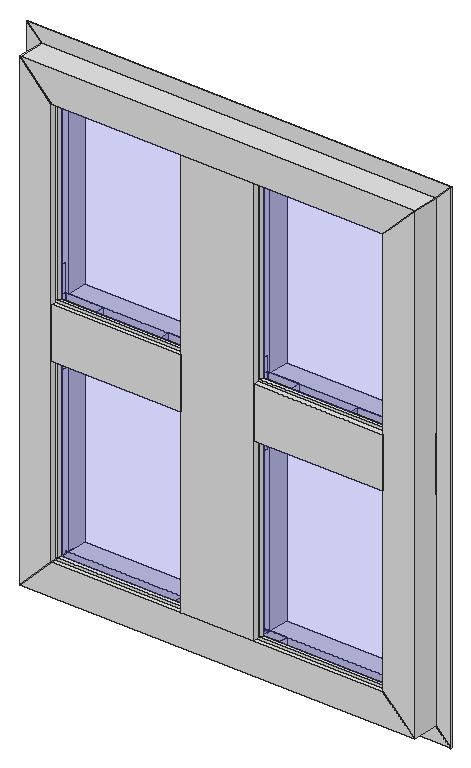
Revit family "511_2P-UT_nailfin", category Windows, host Wall, Revit 2016
Family settings
  Host = Wall
  OmniClass Number = 23.30.20.00
  OmniClass Title = Windows
  Always vertical = Yes
  Cut with Voids When Loaded = No
  Shared = No
  Room Calculation Point = No
Parameters (values of type "30x36")
  MLW = 1 / 8 * Width  # 3 3/4"
  Interior Color [instance] = White
  Height = 36"
  HBS = 1 / 2 * Height  # 18"
  Exterior Color [instance] = White
  Default Sill Height = 31.49606"
  Wall Closure = By host
  Width = 30"
  VBS = 1 / 2 * Width  # 15"
Reference planes (in)
  plane 1 "Center (Front/Back)": y = 0
  plane 2 "Center (Left/Right)": x = 0
  plane 3 "Left": x = -15
  plane 4 "Right": x = 15
  plane 5 "Sill": z = 31.49606
  plane 6 "Head": z = 67.49606
  plane 7 "Exterior": y = 3.93701
  plane 8 "Interior": y = -3.93701
  plane 9 "Front of wall": y = 3.93701
  plane 10: z = 33.55906
  plane 11: z = 65.43306
  plane 12: x = -12.937
  plane 13: x = 12.937
  plane 14 "VBS": x = 0
  plane 15: x = -2.437
  plane 16: x = 2.437
  plane 17 "HBS": z = 49.49606
  plane 18: z = 51.12006
  plane 19: z = 47.84506
Forms (in)
  Extrusion 1, solid, material "Glass"
    sketch origin (0, 0, 55.49606) x (1, 0, 0) y (0, 1, 0)
      loop
        line (-12.937, 3.25701) -> (-12.937, 2.51251) -> (-2.437, 2.51251) -> (-2.437, 3.25701) -> (-12.937, 3.25701)
    from -4.376 to 9.937
  Extrusion 2, solid, material "Glass"
    sketch origin (0, 0, 55.49606) x (1, 0, 0) y (0, 1, 0)
      loop
        line (2.437, 3.25701) -> (2.437, 2.51251) -> (12.937, 2.51251) -> (12.937, 3.25701) -> (2.437, 3.25701)
    from -4.376 to 9.937
  Extrusion 3, void
    sketch origin (0, 3.93701, 0) x (1, 0, 0) y (0, 0, 1)
      loop
        line (-3.65381, 68.37106) -> (-3.65381, 64.93306) -> (-2.75, 64.93306) -> (-2.75, 65.12106) -> (2.75, 65.12106) -> (2.75, 64.93306) -> (3.94519, 64.93306) -> (3.94519, 68.37106) -> (-3.65381, 68.37106)
    from 0 to 12
  Extrusion 4, solid, material "White" <- "Interior Color"
    sketch origin (0, 0, 0) x (0, 0, 1) y (0, 1, 0)
      loop
        line (47.34506, 2.45001) -> (47.34506, 2.26201) -> (47.55906, 2.26201) -> (47.55906, 1.88701) -> (51.43306, 1.88701) -> (51.43306, 2.26201) -> (51.62106, 2.26201) -> (51.62106, 2.51251) -> (51.12006, 2.51251) -> (51.12006, 3.25701) -> (51.62428, 3.25701) -> (51.62428, 4.78988) -> (49.71017, 4.78988) -> (49.6375, 5.30701) -> (49.35463, 5.30701) -> (49.28196, 4.78995) -> (47.34171, 4.78995) -> (47.34171, 3.25701) -> (47.84506, 3.25701) -> (47.84506, 2.51251) -> (47.34506, 2.51251) -> (47.34506, 2.45001)
    from -15 to 15
  Extrusion 5, solid, material "Glass"
    sketch origin (0, 0, 55.49606) x (1, 0, 0) y (0, 1, 0)
      loop
        line (-12.937, 3.25701) -> (-12.937, 2.51251) -> (-2.437, 2.51251) -> (-2.437, 3.25701) -> (-12.937, 3.25701)
    from -7.651 to -21.937
  Extrusion 6, solid, material "Glass"
    sketch origin (0, 0, 55.49606) x (1, 0, 0) y (0, 1, 0)
      loop
        line (2.437, 3.25701) -> (2.437, 2.51251) -> (12.937, 2.51251) -> (12.937, 3.25701) -> (2.437, 3.25701)
    from -7.651 to -21.937
  Sweep 7, void
    path in 3D
      loop
        line (13.69072, 8.36567, 49.49606) -> (13.69072, 3.93701, 49.49606)
    profile origin (13.69072, 6.15134, 49.49606) x (1, 0, 0) y (0, 0, 1)
      loop
        line (0.65719, -2.15435) -> (0.65719, 2.12821) -> (-4.18731, 2.12821) -> (-4.18731, -2.15435) -> (0.65719, -2.15435)
  Sweep 8, void
    path in 3D
      loop
        line (-11.33095, 9.62479, 49.49606) -> (-11.33095, 3.93701, 49.49606)
    profile origin (-11.33095, 6.7809, 49.49606) x (1, 0, 0) y (0, 0, 1)
      loop
        line (-3.01695, -2.15435) -> (4.18384, -2.15435) -> (4.18384, 2.12821) -> (-3.01695, 2.12821) -> (-3.01695, -2.15435)
  Extrusion 9, void
    sketch origin (0, 3.93701, 0) x (1, 0, 0) y (0, 0, 1)
      loop
        line (-12.625, 52.30906) -> (-16.75, 52.30906) -> (-16.75, 46.80906) -> (-12.625, 46.80906) -> (-12.625, 52.30906)
    from 0 to 12
  Extrusion 10, void
    sketch origin (0, 3.93701, 0) x (1, 0, 0) y (0, 0, 1)
      loop
        line (-12.625, 51.62106) -> (-12.625, 47.34506) -> (-9.73318, 47.34506) -> (-9.73318, 51.62106) -> (-12.625, 51.62106)
    from 0 to 12
  Extrusion 11, void
    sketch origin (0, 3.93701, 0) x (1, 0, 0) y (0, 0, 1)
      loop
        line (12.625, 52.95119) -> (12.625, 46.20119) -> (18.0806, 46.20119) -> (18.0806, 52.95119) -> (12.625, 52.95119)
    from 0 to 12
  Extrusion 12, void
    sketch origin (0, 3.93701, 0) x (1, 0, 0) y (0, 0, 1)
      loop
        line (12.625, 51.62428) -> (9.63223, 51.62428) -> (9.63223, 47.34506) -> (12.625, 47.34506) -> (12.625, 51.62428)
    from 0 to 12
  Extrusion 13, void
    sketch origin (0, 3.93701, 0) x (1, 0, 0) y (0, 0, 1)
      loop
        line (-2.75, 52.55335) -> (-2.75, 46.5133) -> (2.75, 46.5133) -> (2.75, 52.55335) -> (-2.75, 52.55335)
    from 0 to 12
  Sweep 14, void
    path in 3D
      loop
        line (0, 10.47955, 66.4105) -> (0, 3.93701, 66.4105)
    profile origin (0, 7.20828, 66.4105) x (0, 0, 1) y (-1, 0, 0)
      loop
        line (-1.48075, 1.0271) -> (0.51737, 1.0271) -> (0.51737, -1.0271) -> (-1.48075, -1.0271) -> (-1.48075, -3.56622) -> (0.43346, -3.56622) -> (2.5886, -3.56622) -> (2.5886, 3.74739) -> (0.43346, 3.74739) -> (-1.48075, 3.74739) -> (-1.48075, 1.0271)
  Sweep 15, void
    path in 3D
      loop
        line (0, 10.6619, 34.64927) -> (0, 3.93701, 34.64927)
    profile origin (0, 7.29946, 34.64927) x (0, 0, 1) y (-1, 0, 0)
      loop
        line (-0.58691, -1.0271) -> (-2.58502, -1.0271) -> (-2.58502, 1.0271) -> (-0.58691, 1.0271) -> (-0.58691, 5.06511) -> (-2.50112, 5.06511) -> (-5.56265, 5.06511) -> (-5.56265, -4.57881) -> (-2.50112, -4.57881) -> (-0.58691, -4.57881) -> (-0.58691, -1.0271)
  Sweep 16, void
    path in 3D
      loop
        line (0.38961, 8.56045, 49.49606) -> (0.38961, 3.93701, 49.49606)
    profile origin (0.38961, 6.24873, 49.49606) x (1, 0, 0) y (0, 0, 1)
      loop
        line (-3.63485, 2.12821) -> (-3.63485, -2.15435) -> (-1.41671, -2.15435) -> (-1.41671, 2.12821) -> (-3.63485, 2.12821)
      loop
        line (3.21236, -2.15435) -> (3.21236, 2.12821) -> (0.63749, 2.12821) -> (0.63749, -2.15435) -> (3.21236, -2.15435)
  Extrusion 17, solid, material "White" <- "Interior Color"
    sketch origin (0, 0, 49.49606) x (1, 0, 0) y (0, 1, 0)
      loop
        line (-2.75, 2.26201) -> (-2.75, 1.88701) -> (2.75, 1.88701) -> (2.75, 2.26201) -> (2.937, 2.26201) -> (2.937, 2.51251) -> (2.437, 2.51251) -> (2.437, 3.25701) -> (2.94035, 3.25701) -> (2.94035, 4.78995) -> (1.0271, 4.78995) -> (0.94319, 5.38701) -> (-0.94319, 5.38701) -> (-1.0271, 4.78995) -> (-2.94035, 4.78995) -> (-2.94035, 3.25701) -> (-2.437, 3.25701) -> (-2.437, 2.51251) -> (-2.94035, 2.51251) -> (-2.94035, 2.26201) -> (-2.75, 2.26201)
    from -18 to 18
  Extrusion 18, solid, material "White" <- "Interior Color"
    sketch origin (0, 0, 49.49606) x (1, 0, 0) y (0, 1, 0)
      loop
        line (-12.437, 2.51251) -> (-12.937, 2.51251) -> (-12.937, 3.25701) -> (-12.41365, 3.25701) -> (-12.41365, 4.78995) -> (-14.3479, 4.78995) -> (-14.43181, 5.38701) -> (-15.02, 5.38701) -> (-15.02, 5.26201) -> (-14.98, 5.26201) -> (-14.98, 5.10257) -> (-15, 5.07401) -> (-15, 4.01201) -> (-16.125, 4.01201) -> (-16.125, 3.93701) -> (-15, 3.93701) -> (-15, 1.88701) -> (-12.625, 1.88701) -> (-12.625, 2.26201) -> (-12.437, 2.26201) -> (-12.437, 2.51251)
    from -19.125 to 19.125
  Extrusion 19, solid, material "White" <- "Interior Color"
    sketch origin (0, 0, 49.49606) x (1, 0, 0) y (0, 1, 0)
      loop
        line (14.98, 5.10257) -> (14.98, 5.26201) -> (15.02, 5.26201) -> (15.02, 5.38701) -> (14.43181, 5.38701) -> (14.3479, 4.78995) -> (12.43492, 4.78995) -> (12.43492, 3.25701) -> (12.937, 3.25701) -> (12.937, 2.51251) -> (12.437, 2.51251) -> (12.437, 2.26201) -> (12.625, 2.26201) -> (12.625, 1.88701) -> (15, 1.88701) -> (15, 3.93701) -> (16.125, 3.93701) -> (16.125, 4.01201) -> (15, 4.01201) -> (15, 5.07401) -> (14.98, 5.10257)
    from -19.125 to 19.125
  Extrusion 20, solid, material "White" <- "Interior Color"
    sketch origin (0, 0, 0) x (0, 0, 1) y (0, 1, 0)
      loop
        line (31.49606, 5.07401) -> (31.49606, 4.01201) -> (30.37106, 4.01201) -> (30.37106, 3.93701) -> (31.49606, 3.93701) -> (31.49606, 1.88701) -> (33.87106, 1.88701) -> (33.87106, 2.26201) -> (34.05906, 2.26201) -> (34.05906, 2.51251) -> (33.55906, 2.51251) -> (33.55906, 3.25701) -> (34.06237, 3.25701) -> (34.06237, 4.78999) -> (32.14816, 4.78999) -> (32.06425, 5.38701) -> (31.47606, 5.38701) -> (31.47606, 5.26201) -> (31.51606, 5.26201) -> (31.51606, 5.10865) -> (31.49606, 5.07401)
    from -16.125 to 16.125
  Extrusion 21, solid, material "White" <- "Interior Color"
    sketch origin (0, 0, 0) x (0, 0, 1) y (0, 1, 0)
      loop
        line (67.47606, 5.1169) -> (67.47606, 5.26201) -> (67.51606, 5.26201) -> (67.51606, 5.38701) -> (66.92787, 5.38701) -> (66.84396, 4.78995) -> (64.90371, 4.78995) -> (64.90371, 3.25701) -> (65.43306, 3.25701) -> (65.43306, 2.51251) -> (64.93306, 2.51251) -> (64.93306, 2.26201) -> (65.12106, 2.26201) -> (65.12106, 1.88701) -> (67.49606, 1.88701) -> (67.49606, 3.93701) -> (68.62106, 3.93701) -> (68.62106, 4.01201) -> (67.49606, 4.01201) -> (67.49606, 5.07401) -> (67.47606, 5.1169)
    from -16.125 to 16.125
  Sweep 22, void
    path in 3D
      loop
        line (13.3358, 8.29405, 67.49606) -> (13.3358, 3.93701, 67.49606)
    profile origin (13.3358, 6.11553, 67.49606) x (1, 0, 0) y (0, 0, 1)
      loop
        line (-3.3358, -2.59235) -> (1.0121, -2.59235) -> (1.0121, -0.6521) -> (3.48697, 1.82277) -> (-3.3358, 1.82277) -> (-3.3358, -2.59235)
  Sweep 23, void
    path in 3D
      loop
        line (13.3358, 8.29405, 67.49606) -> (13.3358, 3.93701, 67.49606)
    profile origin (13.3358, 6.11553, 67.49606) x (1, 0, 0) y (0, 0, 1)
      loop
        line (1.0121, -5) -> (3.3102, -5) -> (3.3102, 1.646) -> (1.0121, -0.6521) -> (1.0121, -5)
  Sweep 24, void
    path in 3D
      loop
        line (-13.89348, 8.58758, 67.49606) -> (-13.89348, 3.93701, 67.49606)
    profile origin (-13.89348, 6.26229, 67.49606) x (1, 0, 0) y (0, 0, 1)
      loop
        line (2.89348, -2.59235) -> (2.89348, 1.72609) -> (-2.83262, 1.72609) -> (-0.45442, -0.6521) -> (-0.45442, -2.59235) -> (2.89348, -2.59235)
  Sweep 25, void
    path in 3D
      loop
        line (-13.89348, 8.58758, 67.49606) -> (-13.89348, 3.93701, 67.49606)
    profile origin (-13.89348, 6.26229, 67.49606) x (1, 0, 0) y (0, 0, 1)
      loop
        line (-0.45442, -4.11018) -> (-0.45442, -0.6521) -> (-2.9293, 1.82277) -> (-2.9293, -4.11018) -> (-0.45442, -4.11018)
  Sweep 26, void
    path in 3D
      loop
        line (-14.64348, 8.58758, 31.49606) -> (-14.64348, 3.93701, 31.49606)
    profile origin (-14.64348, 6.26229, 31.49606) x (1, 0, 0) y (0, 0, 1)
      loop
        line (3.64348, 2.56631) -> (0.29558, 2.56631) -> (0.29558, 0.65209) -> (-2.1793, -1.82278) -> (3.64348, -1.82278) -> (3.64348, 2.56631)
  Sweep 27, void
    path in 3D
      loop
        line (-14.64348, 8.58758, 31.49606) -> (-14.64348, 3.93701, 31.49606)
    profile origin (-14.64348, 6.26229, 31.49606) x (1, 0, 0) y (0, 0, 1)
      loop
        line (0.29558, 4) -> (-2.00252, 4) -> (-2.00252, -1.646) -> (0.29558, 0.65209) -> (0.29558, 4)
  Sweep 28, void
    path in 3D
      loop
        line (14.07315, 8.16765, 31.49606) -> (14.07315, 3.93701, 31.49606)
    profile origin (14.07315, 6.05233, 31.49606) x (1, 0, 0) y (0, 0, 1)
      loop
        line (-4.82315, 2.56631) -> (-4.82315, -1.82278) -> (2.74962, -1.82278) -> (0.27475, 0.65209) -> (0.27475, 2.56631) -> (-4.82315, 2.56631)
  Sweep 29, void
    path in 3D
      loop
        line (14.07315, 8.16765, 31.49606) -> (14.07315, 3.93701, 31.49606)
    profile origin (14.07315, 6.05233, 31.49606) x (1, 0, 0) y (0, 0, 1)
      loop
        line (0.27475, 3.66427) -> (0.27475, 0.65209) -> (2.9264, -1.99956) -> (2.9264, 3.66427) -> (0.27475, 3.66427)
  Extrusion 30, void
    sketch origin (0, 3.93701, 0) x (1, 0, 0) y (0, 0, 1)
      loop
        line (-11.25, 64.93306) -> (-11.25, 69.82622) -> (-17.33016, 69.82622) -> (-12.625, 65.12106) -> (-12.625, 64.93306) -> (-11.25, 64.93306)
    from 0 to 12
  Extrusion 31, void
    sketch origin (0, 3.93701, 0) x (1, 0, 0) y (0, 0, 1)
      loop
        line (-12.625, 63.49606) -> (-12.625, 65.12106) -> (-17.25, 69.74606) -> (-17.25, 63.49606) -> (-12.625, 63.49606)
    from 0 to 12
  Extrusion 32, void
    sketch origin (0, 3.93701, 0) x (1, 0, 0) y (0, 0, 1)
      loop
        line (11.24129, 64.93306) -> (12.625, 64.93306) -> (12.625, 65.12106) -> (17.65757, 70.15363) -> (11.24129, 70.15363) -> (11.24129, 64.93306)
    from 0 to 12
  Extrusion 33, void
    sketch origin (0, 3.93701, 0) x (1, 0, 0) y (0, 0, 1)
      loop
        line (12.625, 63.49606) -> (17.07615, 63.49606) -> (17.07615, 69.57221) -> (12.625, 65.12106) -> (12.625, 63.49606)
    from 0 to 12
  Extrusion 34, void
    sketch origin (0, 3.93701, 0) x (1, 0, 0) y (0, 0, 1)
      loop
        line (11.41053, 34.05906) -> (11.41053, 29.67328) -> (16.82278, 29.67328) -> (12.625, 33.87106) -> (12.625, 34.05906) -> (11.41053, 34.05906)
    from 0 to 12
  Extrusion 35, void
    sketch origin (0, 3.93701, 0) x (1, 0, 0) y (0, 0, 1)
      loop
        line (12.625, 35.38774) -> (12.625, 33.87106) -> (17.36708, 29.12898) -> (17.36708, 35.38774) -> (12.625, 35.38774)
    from 0 to 12
  Extrusion 36, void
    sketch origin (0, 3.93701, 0) x (1, 0, 0) y (0, 0, 1)
      loop
        line (-11, 34.05906) -> (-12.625, 34.05906) -> (-12.625, 33.87106) -> (-16.51409, 29.98198) -> (-11, 29.98198) -> (-11, 34.05906)
    from 0 to 12
  Extrusion 37, void
    sketch origin (0, 3.93701, 0) x (1, 0, 0) y (0, 0, 1)
      loop
        line (-12.625, 36.74606) -> (-17.66273, 36.74606) -> (-17.66273, 28.83333) -> (-12.625, 33.87106) -> (-12.625, 36.74606)
    from 0 to 12
  Extrusion 38, void
    sketch origin (0, 3.93701, 0) x (1, 0, 0) y (0, 0, 1)
      loop
        line (-3.69035, 34.05906) -> (-3.69035, 29.05906) -> (4.25, 29.05906) -> (4.25, 34.05906) -> (2.75, 34.05906) -> (2.75, 33.87106) -> (-2.75, 33.87106) -> (-2.75, 34.05906) -> (-3.69035, 34.05906)
    from 0 to 12
  Extrusion 39, void
    sketch origin (0, 3.93701, 0) x (1, 0, 0) y (0, 0, 1)
      loop
        line (-2.75, 52.74112) -> (-2.75, 46.29871) -> (2.75, 46.29871) -> (2.75, 52.74112) -> (-2.75, 52.74112)
    from 0 to 12
  Extrusion 40, void
    sketch origin (0, 3.93701, 0) x (1, 0, 0) y (0, 0, 1)
      loop
        line (-12.625, 53.67254) -> (-18.125, 53.67254) -> (-18.125, 46.42254) -> (-12.625, 46.42254) -> (-12.625, 53.67254)
    from 0 to 12
  Extrusion 41, void
    sketch origin (0, 3.93701, 0) x (1, 0, 0) y (0, 0, 1)
      loop
        line (-12.625, 51.62106) -> (-12.625, 47.34506) -> (-10.97337, 47.34506) -> (-10.97337, 51.62106) -> (-12.625, 51.62106)
    from 0 to 2.23152
  Extrusion 42, void
    sketch origin (0, 3.93701, 0) x (1, 0, 0) y (0, 0, 1)
      loop
        line (-4.7687, 51.62106) -> (-4.7687, 47.34506) -> (-2.75, 47.34506) -> (-2.75, 51.62106) -> (-4.7687, 51.62106)
      loop
        line (2.75, 47.34506) -> (5.14879, 47.34506) -> (5.14879, 51.62106) -> (2.75, 51.62106) -> (2.75, 47.34506)
    from 0 to 12
  Extrusion 43, void
    sketch origin (0, 3.93701, 0) x (1, 0, 0) y (0, 0, 1)
      loop
        line (8.80208, 51.62106) -> (8.80208, 47.34506) -> (12.625, 47.34506) -> (12.625, 51.62106) -> (8.80208, 51.62106)
    from 0 to 12
Cuts and joins
  Extrusion 9, Extrusion 10, Extrusion 39, Extrusion 40, Extrusion 42 cuts Extrusion 1
  Extrusion 11, Extrusion 12, Extrusion 13, Extrusion 39, Extrusion 42 cuts Extrusion 2
  Extrusion 9, Extrusion 11, Extrusion 13, Extrusion 39, Extrusion 40 cuts Extrusion 4
  Extrusion 9, Extrusion 10, Extrusion 13, Extrusion 38, Extrusion 39, Extrusion 40, Extrusion 42 cuts Extrusion 5
  Extrusion 11, Extrusion 12, Extrusion 13, Extrusion 38, Extrusion 39, Extrusion 42, Extrusion 43 cuts Extrusion 6
  Extrusion 3, Sweep 14, Sweep 15, Sweep 16, Extrusion 38, Extrusion 42 cuts Extrusion 17
  Sweep 8, Sweep 24, Sweep 26, Extrusion 30, Extrusion 36, Extrusion 41 cuts Extrusion 18
  Sweep 7, Sweep 22, Sweep 28, Extrusion 32, Extrusion 34, Extrusion 43 cuts Extrusion 19
  Sweep 23, Sweep 25, Extrusion 31, Extrusion 33 cuts Extrusion 21
  Sweep 27, Sweep 29, Extrusion 35, Extrusion 37 cuts Extrusion 20
Lines and regions (in)
  Opening 1
    outline origin (137.79528, -3.93701, 0) x (1, 0, 0) y (0, 0, 1)
      loop
        line (-122.79528, 31.49606) -> (-122.79528, 67.49606) -> (-152.79528, 67.49606) -> (-152.79528, 31.49606) -> (-122.79528, 31.49606)
  reference lines
    curve 1: line (15, 3.93701, 67.49606) -> (-15, 3.93701, 67.49606)
    curve 2: line (-15, 3.93701, 67.49606) -> (-15, 3.93701, 31.49606)
    curve 3: line (-15, 3.93701, 31.49606) -> (15, 3.93701, 31.49606)
    curve 4: line (15, 3.93701, 31.49606) -> (15, 3.93701, 67.49606)
    curve 5: line (0, 10.6619, 34.64927) -> (0, 3.93701, 34.64927)
    curve 6: line (0, 10.47955, 66.4105) -> (0, 3.93701, 66.4105)
    curve 7: line (-11.33095, 9.62479, 49.49606) -> (-11.33095, 3.93701, 49.49606)
    curve 8: line (0.38961, 8.56045, 49.49606) -> (0.38961, 3.93701, 49.49606)
    curve 9: line (13.69072, 8.36567, 49.49606) -> (13.69072, 3.93701, 49.49606)
    curve 15: line (-14.64348, 8.58758, 31.49606) -> (-14.64348, 3.93701, 31.49606)
    curve 16: line (-13.89348, 8.58758, 67.49606) -> (-13.89348, 3.93701, 67.49606)
    curve 17: line (13.3358, 8.29405, 67.49606) -> (13.3358, 3.93701, 67.49606)
    curve 18: line (14.07315, 8.16765, 31.49606) -> (14.07315, 3.93701, 31.49606)
    curve 27: line (-5, 3.93701, 42.99606) -> (-10, 3.93701, 42.99606)
    curve 28: line (-5, 3.93701, 37.99606) -> (-5, 3.93701, 42.99606)
    curve 29: line (-10, 3.93701, 37.99606) -> (-5, 3.93701, 37.99606)
    curve 30: line (-10, 3.93701, 42.99606) -> (-10, 3.93701, 37.99606)
    curve 34: line (-7.5, 3.93701, 37.99606) -> (-7.5, 3.93701, 44.49606)
    curve 35: line (-5, 3.93701, 40.49606) -> (-12.5, 3.93701, 40.49606)
    curve 36: line (-5, 3.93701, 60.99606) -> (-10, 3.93701, 60.99606)
    curve 37: line (-5, 3.93701, 55.99606) -> (-5, 3.93701, 60.99606)
    curve 38: line (-10, 3.93701, 55.99606) -> (-5, 3.93701, 55.99606)
    curve 39: line (-10, 3.93701, 60.99606) -> (-10, 3.93701, 55.99606)
    curve 43: line (-7.5, 3.93701, 55.99606) -> (-7.5, 3.93701, 62.49606)
    curve 44: line (-5, 3.93701, 58.49606) -> (-12.5, 3.93701, 58.49606)
    curve 45: line (10, 3.93701, 60.17056) -> (5, 3.93701, 60.17056)
    curve 46: line (10, 3.93701, 55.17056) -> (10, 3.93701, 60.17056)
    curve 47: line (5, 3.93701, 55.17056) -> (10, 3.93701, 55.17056)
    curve 48: line (5, 3.93701, 60.17056) -> (5, 3.93701, 55.17056)
    curve 52: line (7.5, 3.93701, 55.17056) -> (7.5, 3.93701, 61.67056)
    curve 53: line (10, 3.93701, 57.67056) -> (2.5, 3.93701, 57.67056)
    curve 54: line (10, 3.93701, 42.17056) -> (5, 3.93701, 42.17056)
    curve 55: line (10, 3.93701, 37.17056) -> (10, 3.93701, 42.17056)
    curve 56: line (5, 3.93701, 37.17056) -> (10, 3.93701, 37.17056)
    curve 57: line (5, 3.93701, 42.17056) -> (5, 3.93701, 37.17056)
    curve 61: line (7.5, 3.93701, 37.17056) -> (7.5, 3.93701, 43.67056)
    curve 62: line (10, 3.93701, 39.67056) -> (2.5, 3.93701, 39.67056)
    curve 63: line (-5, 0, 42.99606) -> (-10, 0, 42.99606)
    curve 64: line (-5, 0, 37.99606) -> (-5, 0, 42.99606)
    curve 65: line (-10, 0, 37.99606) -> (-5, 0, 37.99606)
    curve 66: line (-10, 0, 42.99606) -> (-10, 0, 37.99606)
    curve 67: line (-7.5, 0, 37.99606) -> (-7.5, 0, 44.49606)
    curve 68: line (-5, 0, 40.49606) -> (-12.5, 0, 40.49606)
    curve 72: line (10, 0, 42.99606) -> (5, 0, 42.99606)
    curve 73: line (10, 0, 37.99606) -> (10, 0, 42.99606)
    curve 74: line (5, 0, 37.99606) -> (10, 0, 37.99606)
    curve 75: line (5, 0, 42.99606) -> (5, 0, 37.99606)
    curve 76: line (7.5, 0, 37.99606) -> (7.5, 0, 44.49606)
    curve 77: line (10, 0, 40.49606) -> (2.78256, 0, 40.49606)
    curve 81: line (-5, 0, 60.99606) -> (-10, 0, 60.99606)
    curve 82: line (-5, 0, 55.99606) -> (-5, 0, 60.99606)
    curve 83: line (-10, 0, 55.99606) -> (-5, 0, 55.99606)
    curve 84: line (-10, 0, 60.99606) -> (-10, 0, 55.99606)
    curve 85: line (-7.5, 0, 55.99606) -> (-7.5, 0, 62.49606)
    curve 86: line (-5, 0, 58.49606) -> (-12.5, 0, 58.49606)
    curve 90: line (10, 0, 60.17056) -> (5, 0, 60.17056)
    curve 91: line (10, 0, 55.17056) -> (10, 0, 60.17056)
    curve 92: line (5, 0, 55.17056) -> (10, 0, 55.17056)
    curve 93: line (5, 0, 60.17056) -> (5, 0, 55.17056)
    curve 94: line (7.5, 0, 55.17056) -> (7.5, 0, 61.67056)
    curve 95: line (10, 0, 57.67056) -> (2.5, 0, 57.67056)
  sketch lines
    curve 10: line (13.69072, 8.36567, 49.49606) -> (13.69072, 3.93701, 49.49606)
    curve 11: line (-11.33095, 9.62479, 49.49606) -> (-11.33095, 3.93701, 49.49606)
    curve 12: line (0, 10.47955, 66.4105) -> (0, 3.93701, 66.4105)
    curve 13: line (0, 10.6619, 34.64927) -> (0, 3.93701, 34.64927)
    curve 14: line (0.38961, 8.56045, 49.49606) -> (0.38961, 3.93701, 49.49606)
    curve 19: line (13.3358, 8.29405, 67.49606) -> (13.3358, 3.93701, 67.49606)
    curve 20: line (13.3358, 8.29405, 67.49606) -> (13.3358, 3.93701, 67.49606)
    curve 21: line (-13.89348, 8.58758, 67.49606) -> (-13.89348, 3.93701, 67.49606)
    curve 22: line (-13.89348, 8.58758, 67.49606) -> (-13.89348, 3.93701, 67.49606)
    curve 23: line (-14.64348, 8.58758, 31.49606) -> (-14.64348, 3.93701, 31.49606)
    curve 24: line (-14.64348, 8.58758, 31.49606) -> (-14.64348, 3.93701, 31.49606)
    curve 25: line (14.07315, 8.16765, 31.49606) -> (14.07315, 3.93701, 31.49606)
    curve 26: line (14.07315, 8.16765, 31.49606) -> (14.07315, 3.93701, 31.49606)
  model lines
    curve 31: line (-5, 3.93701, 42.99606) -> (-10, 3.93701, 37.99606)
    curve 32: line (-10, 3.93701, 40.49606) -> (-7.5, 3.93701, 42.99606)
    curve 33: line (-7.5, 3.93701, 37.99606) -> (-5, 3.93701, 40.49606)
    curve 40: line (-5, 3.93701, 60.99606) -> (-10, 3.93701, 55.99606)
    curve 41: line (-10, 3.93701, 58.49606) -> (-7.5, 3.93701, 60.99606)
    curve 42: line (-7.5, 3.93701, 55.99606) -> (-5, 3.93701, 58.49606)
    curve 49: line (10, 3.93701, 60.17056) -> (5, 3.93701, 55.17056)
    curve 50: line (5, 3.93701, 57.67056) -> (7.5, 3.93701, 60.17056)
    curve 51: line (7.5, 3.93701, 55.17056) -> (10, 3.93701, 57.67056)
    curve 58: line (10, 3.93701, 42.17056) -> (5, 3.93701, 37.17056)
    curve 59: line (5, 3.93701, 39.67056) -> (7.5, 3.93701, 42.17056)
    curve 60: line (7.5, 3.93701, 37.17056) -> (10, 3.93701, 39.67056)
  symbolic lines
    curve 69: line (-7.5, 3.93701, 37.99606) -> (-5, 3.93701, 40.49606)
    curve 70: line (-10, 3.93701, 37.99606) -> (-5, 3.93701, 42.99606)
    curve 71: line (-10, 3.93701, 40.49606) -> (-7.5, 3.93701, 42.99606)
    curve 78: line (7.5, 3.93701, 37.99606) -> (10, 3.93701, 40.49606)
    curve 79: line (5, 3.93701, 37.99606) -> (10, 3.93701, 42.99606)
    curve 80: line (5, 3.93701, 40.49606) -> (7.5, 3.93701, 42.99606)
    curve 87: line (-7.5, 3.93701, 55.99606) -> (-5, 3.93701, 58.49606)
    curve 88: line (-10, 3.93701, 55.99606) -> (-5, 3.93701, 60.99606)
    curve 89: line (-10, 3.93701, 58.49606) -> (-7.5, 3.93701, 60.99606)
    curve 96: line (7.5, 3.93701, 55.17056) -> (10, 3.93701, 57.67056)
    curve 97: line (5, 3.93701, 55.17056) -> (10, 3.93701, 60.17056)
    curve 98: line (5, 3.93701, 57.67056) -> (7.5, 3.93701, 60.17056)
Text (in)
  text "EXTERIOR" at (-77.29147, 52.45485, 0), in view "Ref. Level"
  text "INTERIOR" at (-78.01048, -32.21994, 0), in view "Ref. Level"
  text "Exterior" at (0, 36.36817, 115.8778), in view "Right"
  text "Exterior" at (0, 40.96394, 105.72475), in view "Left"
Dimensions and locks (in)
  equal spacing: plane 3 "Left", plane 2 "Center (Left/Right)", plane 4 "Right"
  "Width": plane 3 "Left" to plane 4 "Right"
  "Height": plane 5 "Sill" to plane 6 "Head"
  "Default Sill Height": plane 5 "Sill" to level
  locked: plane 7 "Exterior" to host wall at 0
  locked: plane 8 "Interior" to host wall
  locked: plane 5 "Sill" to plane 10 at 2.063
  locked: plane 11 to plane 6 "Head" at 2.063
  locked: plane 13 to plane 4 "Right" at 2.063
  locked: plane 3 "Left" to plane 12 at 2.063
  "VBS": plane 14 "VBS" to plane 4 "Right"
  locked: plane 15 to plane 14 "VBS" at 2.437
  locked: plane 14 "VBS" to plane 16 at 2.437
  "HBS": plane 5 "Sill" to plane 17 "HBS"
  locked: plane 17 "HBS" to Extrusion 4 sketch curve at 0.14143
  locked: plane 17 "HBS" to Extrusion 4 sketch curve at 0.2141
  locked: Extrusion 4 sketch curve to plane 17 "HBS" at 0.14143
  locked: Extrusion 4 sketch curve to plane 17 "HBS" at 0.21411
  locked: Extrusion 4 sketch curve to plane 17 "HBS" at 1.937
  locked: plane 17 "HBS" to Extrusion 4 sketch curve at 1.937
  locked: plane 17 "HBS" to plane 19 at 1.651
  locked: plane 18 to plane 17 "HBS" at 1.624
  locked: Extrusion 17 sketch curve to plane 14 "VBS" at 0.94319
  locked: plane 14 "VBS" to Extrusion 17 sketch curve at 0.94319
  locked: Extrusion 17 sketch curve to plane 14 "VBS" at 2.75
  locked: plane 14 "VBS" to Extrusion 17 sketch curve at 2.75
  locked: Extrusion 17 sketch curve to plane 9 "Front of wall" at 2.05
  locked: plane 9 "Front of wall" to cut or joined group of Extrusion 4, Extrusion 9, Extrusion 11, Extrusion 13, Extrusion 39, Extrusion 40 at 2.05
  locked: Extrusion 17 sketch curve to plane 14 "VBS" at 1.0271
  locked: Extrusion 18 sketch curve to plane 3 "Left" at 1.125
  locked: Extrusion 18 sketch curve to plane 9 "Front of wall" at 2.05
  locked: Extrusion 18 sketch curve to Extrusion 18 sketch curve at 2.375
  locked: Extrusion 19 sketch curve to plane 9 "Front of wall" at 2.05
  locked: plane 4 "Right" to Extrusion 19 sketch curve at 1.125
  locked: Extrusion 19 sketch curve to Extrusion 19 sketch curve at 2.375
  locked: Extrusion 20 sketch curve to plane 5 "Sill" at 1.125
  locked: plane 9 "Front of wall" to Extrusion 20 sketch curve at 2.05
  locked: Extrusion 20 sketch curve to Extrusion 20 sketch curve at 2.375
  locked: plane 6 "Head" to Extrusion 21 sketch curve at 1.125
  locked: plane 9 "Front of wall" to Extrusion 21 sketch curve at 2.05
  locked: Extrusion 21 sketch curve to Extrusion 21 sketch curve at 2.375
  plane 5 "Sill" to plane 17 "HBS" = 18"
  equal spacing: curve 32, curve 31, curve 33
  locked: curve 28 to curve 30 at 5
  locked: curve 29 to curve 27 at 5
  equal spacing: curve 30, curve 34, curve 28
  equal spacing: curve 29, curve 35, curve 27
  equal spacing: plane 5 "Sill", curve 35, plane 17 "HBS"
  equal spacing: plane 3 "Left", curve 34, plane 14 "VBS"
  equal spacing: curve 41, curve 40, curve 42
  locked: curve 37 to curve 39 at 5
  locked: curve 38 to curve 36 at 5
  equal spacing: curve 39, curve 43, curve 37
  equal spacing: curve 38, curve 44, curve 36
  equal spacing: curve 50, curve 49, curve 51
  locked: curve 46 to curve 48 at 5
  locked: curve 47 to curve 45 at 5
  equal spacing: curve 48, curve 52, curve 46
  equal spacing: curve 47, curve 53, curve 45
  equal spacing: curve 59, curve 58, curve 60
  locked: curve 55 to curve 57 at 5
  locked: curve 56 to curve 54 at 5
  equal spacing: curve 57, curve 61, curve 55
  equal spacing: curve 56, curve 62, curve 54
  equal spacing: plane 14 "VBS", curve 61, plane 4 "Right"
  equal spacing: plane 5 "Sill", curve 62, plane 19
  equal spacing: plane 19, curve 53, plane 6 "Head"
  equal spacing: plane 17 "HBS", curve 44, plane 6 "Head"
  equal spacing: plane 3 "Left", curve 43, plane 14 "VBS"
  equal spacing: plane 14 "VBS", curve 52, plane 4 "Right"
  locked: curve 64 to curve 66 at 5
  locked: curve 65 to curve 63 at 5
  equal spacing: curve 66, curve 67, curve 64
  equal spacing: curve 65, curve 68, curve 63
  locked: curve 73 to curve 75 at 5
  locked: curve 74 to curve 72 at 5
  equal spacing: curve 75, curve 76, curve 73
  equal spacing: curve 74, curve 77, curve 72
  locked: curve 82 to curve 84 at 5
  locked: curve 83 to curve 81 at 5
  equal spacing: curve 84, curve 85, curve 82
  equal spacing: curve 83, curve 86, curve 81
  locked: curve 91 to curve 93 at 5
  locked: curve 92 to curve 90 at 5
  equal spacing: curve 93, curve 94, curve 91
  equal spacing: curve 92, curve 95, curve 90
  equal spacing: plane 17 "HBS", curve 68, plane 5 "Sill"
  equal spacing: plane 3 "Left", curve 67, plane 14 "VBS"
  equal spacing: plane 17 "HBS", curve 77, plane 5 "Sill"
  equal spacing: plane 14 "VBS", curve 76, plane 4 "Right"
  equal spacing: plane 14 "VBS", curve 94, plane 4 "Right"
  equal spacing: plane 6 "Head", curve 95, plane 19
  equal spacing: plane 3 "Left", curve 85, plane 14 "VBS"
  equal spacing: plane 6 "Head", curve 86, plane 17 "HBS"
  aligned and locked: plane 9 "Front of wall" to host wall
  aligned and locked: plane 6 "Head" to curve 1
  aligned and locked: plane 4 "Right" to curve 4
  aligned and locked: curve 2 to plane 3 "Left"
  aligned and locked: curve 3 to plane 5 "Sill"
  aligned and locked: plane 15 to Extrusion 1 sketch curve
  aligned and locked: Extrusion 1 sketch curve to plane 12
  aligned and locked: plane 16 to Extrusion 2 sketch curve
  aligned and locked: Extrusion 2 sketch curve to plane 13
  aligned and locked: Extrusion 2 to plane 11
  aligned and locked: Extrusion 1 to plane 11
  aligned and locked: plane 9 "Front of wall" to curve 6
  aligned and locked: plane 9 "Front of wall" to curve 5
  aligned and locked: plane 18 to Extrusion 4 sketch curve
  aligned and locked: Extrusion 4 sketch curve to plane 19
  aligned and locked: plane 18 to cut or joined group of Extrusion 1, Extrusion 9, Extrusion 10, Extrusion 39, Extrusion 40, Extrusion 42
  aligned and locked: Extrusion 4 to plane 4 "Right"
  aligned and locked: plane 3 "Left" to Extrusion 4
  aligned and locked: Extrusion 5 sketch curve to plane 15
  aligned and locked: plane 16 to Extrusion 6 sketch curve
  aligned and locked: plane 13 to Extrusion 6 sketch curve
  aligned and locked: plane 10 to Extrusion 6
  aligned and locked: plane 7 "Exterior" to curve 9
  aligned and locked: plane 7 "Exterior" to curve 8
  aligned and locked: plane 7 "Exterior" to curve 7
  aligned and locked: plane 16 to Extrusion 17 sketch curve
  aligned and locked: Extrusion 17 sketch curve to plane 15
  aligned and locked: Extrusion 17 to plane 6 "Head"
  aligned and locked: plane 5 "Sill" to Extrusion 17
  aligned and locked: cut or joined group of Extrusion 6, Extrusion 11, Extrusion 12, Extrusion 13, Extrusion 38, Extrusion 39, Extrusion 42, Extrusion 43 to plane 19
  aligned and locked: plane 12 to cut or joined group 1 (Extrusion 5, Extrusion 9, Extrusion 10, Extrusion 13, Extrusion 38, Extrusion 39, Extrusion 40, Extrusion 42)
  aligned and locked: cut or joined group 1 to plane 19
  aligned and locked: Extrusion 18 sketch curve to plane 12
  aligned and locked: plane 9 "Front of wall" to Extrusion 18 sketch curve
  aligned and locked: plane 3 "Left" to Extrusion 18 sketch curve  (x2)
  aligned and locked: Extrusion 19 sketch curve to plane 4 "Right"  (x2)
  aligned and locked: plane 9 "Front of wall" to Extrusion 19 sketch curve
  aligned and locked: plane 13 to Extrusion 19 sketch curve
  aligned and locked: plane 5 "Sill" to Extrusion 20 sketch curve  (x2)
  aligned and locked: plane 9 "Front of wall" to Extrusion 20 sketch curve
  aligned and locked: Extrusion 20 sketch curve to plane 10
  aligned and locked: Extrusion 21 sketch curve to plane 6 "Head"  (x2)
  aligned and locked: plane 11 to Extrusion 21 sketch curve
  aligned and locked: Extrusion 18 to Extrusion 21  (x2)
  aligned and locked: Extrusion 20 to Extrusion 18  (x2)
  aligned and locked: Extrusion 19 to Extrusion 20  (x2)
  aligned and locked: Extrusion 21 to Extrusion 19  (x2)
  aligned and locked: plane 9 "Front of wall" to curve 17
  aligned and locked: plane 9 "Front of wall" to curve 18
  aligned and locked: plane 9 "Front of wall" to curve 16
  aligned and locked: plane 9 "Front of wall" to curve 15
  aligned and locked: plane 18 to cut or joined group of Extrusion 2, Extrusion 11, Extrusion 12, Extrusion 13, Extrusion 39, Extrusion 42
  aligned and locked: curve 27 to curve 30
  aligned and locked: curve 30 to curve 30
  aligned and locked: curve 28 to curve 28
  aligned and locked: curve 30 to curve 31
  aligned and locked: curve 31 to curve 27
  aligned and locked: curve 27 to curve 32
  aligned and locked: curve 30 to curve 32
  aligned and locked: curve 29 to curve 33
  aligned and locked: curve 28 to curve 33
  aligned and locked: curve 36 to curve 39
  aligned and locked: curve 39 to curve 39
  aligned and locked: curve 37 to curve 37
  aligned and locked: curve 39 to curve 40
  aligned and locked: curve 40 to curve 36
  aligned and locked: curve 36 to curve 41
  aligned and locked: curve 39 to curve 41
  aligned and locked: curve 38 to curve 42
  aligned and locked: curve 37 to curve 42
  aligned and locked: curve 45 to curve 48
  aligned and locked: curve 48 to curve 48
  aligned and locked: curve 46 to curve 46
  aligned and locked: curve 48 to curve 49
  aligned and locked: curve 49 to curve 45
  aligned and locked: curve 45 to curve 50
  aligned and locked: curve 48 to curve 50
  aligned and locked: curve 47 to curve 51
  aligned and locked: curve 46 to curve 51
  aligned and locked: curve 54 to curve 57
  aligned and locked: curve 57 to curve 57
  aligned and locked: curve 55 to curve 55
  aligned and locked: curve 57 to curve 58
  aligned and locked: curve 58 to curve 54
  aligned and locked: curve 54 to curve 59
  aligned and locked: curve 57 to curve 59
  aligned and locked: curve 56 to curve 60
  aligned and locked: curve 55 to curve 60
  aligned and locked: curve 63 to curve 66
  aligned and locked: curve 66 to curve 66
  aligned and locked: curve 64 to curve 64
  aligned and locked: curve 65 to curve 69
  aligned and locked: curve 70 to curve 65
  aligned and locked: curve 66 to curve 71
  aligned and locked: curve 63 to curve 71
  aligned and locked: curve 64 to curve 70
  aligned and locked: curve 64 to curve 69
  aligned and locked: curve 72 to curve 75
  aligned and locked: curve 75 to curve 75
  aligned and locked: curve 73 to curve 73
  aligned and locked: curve 74 to curve 78
  aligned and locked: curve 79 to curve 74
  aligned and locked: curve 75 to curve 80
  aligned and locked: curve 72 to curve 80
  aligned and locked: curve 73 to curve 79
  aligned and locked: curve 73 to curve 78
  aligned and locked: curve 81 to curve 84
  aligned and locked: curve 84 to curve 84
  aligned and locked: curve 82 to curve 82
  aligned and locked: curve 83 to curve 87
  aligned and locked: curve 88 to curve 83
  aligned and locked: curve 84 to curve 89
  aligned and locked: curve 81 to curve 89
  aligned and locked: curve 82 to curve 88
  aligned and locked: curve 82 to curve 87
  aligned and locked: curve 90 to curve 93
  aligned and locked: curve 93 to curve 93
  aligned and locked: curve 91 to curve 91
  aligned and locked: curve 92 to curve 96
  aligned and locked: curve 97 to curve 92
  aligned and locked: curve 93 to curve 98
  aligned and locked: curve 90 to curve 98
  aligned and locked: curve 91 to curve 97
  aligned and locked: curve 91 to curve 96
Automatic sketch dimensions
  Extrusion 2 sketch curve to Extrusion 2 sketch curve = 0.7445"
  curve 5 to plane 10 = 1.09021"
  curve 6 to plane 11 = 0.97744"
  curve 6 to curve 6 = 6.54254"
  curve 5 to curve 5 = 6.7249"
  curve 7 to plane 12 = 1.60605"
  curve 8 to plane 14 "VBS" = 0.38961"
  curve 9 to plane 13 = 0.75372"
  curve 9 to curve 9 = 4.42866"
  curve 8 to curve 8 = 4.62345"
  curve 7 to curve 7 = 5.68778"
  profile plane to Sweep 7 sketch curve = 4.18731"
  Sweep 7 sketch curve to profile plane = 0.65719"
  Sweep 7 sketch curve to profile plane = 2.15435"
  profile plane to Sweep 7 sketch curve = 2.12821"
  profile plane to Sweep 8 sketch curve = 3.01695"
  Sweep 8 sketch curve to profile plane = 4.18384"
  Sweep 8 sketch curve to profile plane = 2.15435"
  profile plane to Sweep 8 sketch curve = 2.12821"
  profile plane to Sweep 14 sketch curve = 1.48075"  (x2)
  Sweep 14 sketch curve to profile plane = 0.51737"
  Sweep 14 sketch curve to Sweep 14 sketch curve = 2.15514"
  Sweep 14 sketch curve to profile plane = 1.0271"
  profile plane to Sweep 14 sketch curve = 1.0271"
  Sweep 14 sketch curve to Sweep 14 sketch curve = 2.72029"
  Sweep 14 sketch curve to profile plane = 0.43346"  (x2)
  Sweep 14 sketch curve to Sweep 14 sketch curve = 2.53912"
  profile plane to Sweep 15 sketch curve = 5.56265"
  profile plane to Sweep 15 sketch curve = 2.50112"  (x2)
  profile plane to Sweep 15 sketch curve = 0.58691"  (x2)
  Sweep 15 sketch curve to profile plane = 4.57881"
  Sweep 15 sketch curve to profile plane = 1.0271"
  profile plane to Sweep 15 sketch curve = 1.0271"
  Sweep 15 sketch curve to Sweep 15 sketch curve = 4.03801"
  Sweep 15 sketch curve to Sweep 15 sketch curve = 1.99812"
  profile plane to Sweep 16 sketch curve = 3.63485"
  profile plane to Sweep 16 sketch curve = 1.41671"
  Sweep 16 sketch curve to profile plane = 0.63749"
  Sweep 16 sketch curve to Sweep 16 sketch curve = 2.57487"
  Sweep 16 sketch curve to profile plane = 2.15435"  (x2)
  profile plane to Sweep 16 sketch curve = 2.12821"  (x2)
  curve 15 to plane 3 "Left" = 0.35652"
  curve 15 to curve 15 = 4.65057"
  plane 4 "Right" to curve 18 = 0.92685"
  host wall to curve 18 = 4.23064"
  plane 12 to curve 16 = 0.95648"
  curve 17 to plane 13 = 0.3988"
  host wall to curve 17 = 4.35704"
  host wall to curve 16 = 4.65057"
  Sweep 22 sketch curve to profile plane = 1.0121"
  Sweep 22 sketch curve to profile plane = 3.48697"
  Sweep 22 sketch curve to profile plane = 2.59235"
  Sweep 22 sketch curve to profile plane = 0.6521"
  profile plane to Sweep 22 sketch curve = 1.82277"
  profile plane to Sweep 22 sketch curve = 3.3358"
  Sweep 23 sketch curve to profile plane = 1.0121"
  Sweep 23 sketch curve to Sweep 23 sketch curve = 2.2981"
  Sweep 23 sketch curve to profile plane = 0.6521"
  profile plane to Sweep 23 sketch curve = 1.646"
  Sweep 23 sketch curve to Sweep 23 sketch curve = 4.3479"
  profile plane to Sweep 24 sketch curve = 2.83262"
  profile plane to Sweep 24 sketch curve = 0.45442"
  Sweep 24 sketch curve to profile plane = 2.59235"
  Sweep 24 sketch curve to profile plane = 0.6521"
  profile plane to Sweep 24 sketch curve = 1.72609"
  Sweep 24 sketch curve to profile plane = 2.89348"
  profile plane to Sweep 25 sketch curve = 2.9293"
  profile plane to Sweep 25 sketch curve = 0.45442"
  Sweep 25 sketch curve to profile plane = 0.6521"
  profile plane to Sweep 25 sketch curve = 1.82277"
  Sweep 25 sketch curve to Sweep 25 sketch curve = 3.45808"
  profile plane to Sweep 26 sketch curve = 2.1793"
  Sweep 26 sketch curve to profile plane = 0.29558"
  Sweep 26 sketch curve to profile plane = 1.82278"
  profile plane to Sweep 26 sketch curve = 0.65209"
  Sweep 26 sketch curve to Sweep 26 sketch curve = 1.91421"
  Sweep 26 sketch curve to Sweep 26 sketch curve = 3.3479"
  profile plane to Sweep 27 sketch curve = 2.00252"
  Sweep 27 sketch curve to profile plane = 0.29558"
  Sweep 27 sketch curve to profile plane = 1.646"
  profile plane to Sweep 27 sketch curve = 0.65209"
  profile plane to Sweep 27 sketch curve = 4"
  Sweep 28 sketch curve to profile plane = 0.27475"
  Sweep 28 sketch curve to profile plane = 2.74962"
  Sweep 28 sketch curve to profile plane = 1.82278"
  profile plane to Sweep 28 sketch curve = 0.65209"
  Sweep 28 sketch curve to Sweep 28 sketch curve = 1.91421"
  profile plane to Sweep 28 sketch curve = 4.82315"
  Sweep 29 sketch curve to profile plane = 0.27475"
  Sweep 29 sketch curve to profile plane = 2.9264"
  Sweep 29 sketch curve to profile plane = 1.99956"
  profile plane to Sweep 29 sketch curve = 0.65209"
  profile plane to Sweep 29 sketch curve = 3.66427"
  curve 35 to curve 27 = 2 1/2"
  curve 44 to curve 36 = 2 1/2"
  curve 53 to curve 45 = 2 1/2"
  curve 62 to curve 57 = 2 1/2"
  curve 55 to curve 61 = 1 1/2"
  curve 27 to curve 34 = 1 1/2"
  curve 36 to curve 43 = 1 1/2"
  curve 45 to curve 52 = 1 1/2"
  curve 41 to curve 42 = 2 1/2"
  curve 31 to curve 33 = 2 1/2"
  curve 32 to curve 33 = 2 1/2"
  curve 40 to curve 42 = 2 1/2"
  curve 41 to curve 40 = 2 1/2"
  curve 32 to curve 31 = 2 1/2"
  curve 50 to curve 51 = 2 1/2"
  curve 49 to curve 51 = 2 1/2"
  curve 50 to curve 49 = 2 1/2"
  curve 59 to curve 60 = 2 1/2"
  curve 58 to curve 60 = 2 1/2"
  curve 59 to curve 58 = 2 1/2"
  curve 60 to curve 58 = 2 1/2"
  curve 33 to curve 31 = 2 1/2"
  curve 51 to curve 49 = 2 1/2"
  curve 42 to curve 40 = 2 1/2"
  plane 3 "Left" to Opening 1 sketch curve = 0"
  plane 4 "Right" to Opening 1 sketch curve = 0"
  Opening 1 sketch curve to plane 5 "Sill" = 0"
  Opening 1 sketch curve to plane 6 "Head" = 0"
  plane 15 to Extrusion 3 sketch curve = 1.21681"
  plane 15 to Extrusion 3 sketch curve = 0.313"
  Extrusion 3 sketch curve to plane 16 = 0.313"
  plane 11 to Extrusion 3 sketch curve = 1/2"  (x2)
  Extrusion 3 sketch curve to Extrusion 3 sketch curve = 1.19519"
  Extrusion 3 sketch curve to Extrusion 3 sketch curve = 0.188"
  Extrusion 3 sketch curve to plane 6 "Head" = 7/8"
  Extrusion 4 sketch curve to Extrusion 4 sketch curve = 0.214"
  Extrusion 4 sketch curve to Extrusion 4 sketch curve = 0.188"  (x2)
  Extrusion 4 sketch curve to plane 18 = 0.50421"
  Extrusion 4 sketch curve to Extrusion 4 sketch curve = 3/8"  (x2)
  Extrusion 4 sketch curve to Extrusion 4 sketch curve = 0.2505"
  Extrusion 4 sketch curve to Extrusion 4 sketch curve = 1/16"
  Extrusion 4 sketch curve to Extrusion 4 sketch curve = 0.7445"  (x2)
  host wall to Extrusion 4 sketch curve = 0.85287"
  host wall to Extrusion 4 sketch curve = 0.85294"
  Extrusion 4 sketch curve to Extrusion 4 sketch curve = 0.51706"
  Extrusion 5 sketch curve to host wall = 1.4245"
  Extrusion 5 sketch curve to Extrusion 5 sketch curve = 0.7445"
  plane 3 "Left" to Extrusion 9 sketch curve = 1 3/4"
  Extrusion 9 sketch curve to plane 12 = 0.312"
  plane 19 to Extrusion 9 sketch curve = 1.036"
  Extrusion 9 sketch curve to plane 18 = 1.189"
  Extrusion 10 sketch curve to plane 12 = 0.312"
  plane 19 to Extrusion 10 sketch curve = 1/2"
  Extrusion 10 sketch curve to Extrusion 10 sketch curve = 2.89182"
  Extrusion 10 sketch curve to plane 18 = 0.501"
  plane 13 to Extrusion 11 sketch curve = 0.312"
  Extrusion 11 sketch curve to plane 4 "Right" = 3.0806"
  plane 19 to Extrusion 11 sketch curve = 1.64388"
  Extrusion 11 sketch curve to plane 18 = 1.83112"
  Extrusion 12 sketch curve to plane 18 = 0.50421"
  plane 13 to Extrusion 12 sketch curve = 3.30477"
  plane 13 to Extrusion 12 sketch curve = 0.312"
  plane 19 to Extrusion 12 sketch curve = 1/2"
  plane 15 to Extrusion 13 sketch curve = 0.313"
  Extrusion 13 sketch curve to plane 16 = 0.313"
  plane 19 to Extrusion 13 sketch curve = 1.33177"
  Extrusion 13 sketch curve to plane 18 = 1.43329"
  Extrusion 17 sketch curve to Extrusion 17 sketch curve = 0.19035"
  plane 15 to Extrusion 17 sketch curve = 0.50335"
  Extrusion 17 sketch curve to Extrusion 17 sketch curve = 0.08391"
  Extrusion 17 sketch curve to Extrusion 17 sketch curve = 0.187"
  Extrusion 17 sketch curve to Extrusion 17 sketch curve = 3/8"  (x2)
  Extrusion 17 sketch curve to Extrusion 17 sketch curve = 0.2505"  (x2)
  host wall to Extrusion 17 sketch curve = 0.85294"  (x2)
  Extrusion 17 sketch curve to Extrusion 17 sketch curve = 0.59706"
  plane 3 "Left" to Extrusion 18 sketch curve = 0.02"
  Extrusion 18 sketch curve to plane 3 "Left" = 0.02"
  Extrusion 18 sketch curve to Extrusion 18 sketch curve = 0.54819"
  Extrusion 18 sketch curve to Extrusion 18 sketch curve = 0.08391"
  Extrusion 18 sketch curve to Extrusion 18 sketch curve = 0.188"
  Extrusion 18 sketch curve to plane 12 = 0.52335"
  Extrusion 18 sketch curve to Extrusion 18 sketch curve = 3/8"
  Extrusion 18 sketch curve to Extrusion 18 sketch curve = 0.2505"
  host wall to Extrusion 18 sketch curve = 0.075"
  host wall to Extrusion 18 sketch curve = 0.85294"
  Extrusion 18 sketch curve to Extrusion 18 sketch curve = 0.28406"
  Extrusion 18 sketch curve to Extrusion 18 sketch curve = 0.02856"
  Extrusion 18 sketch curve to Extrusion 18 sketch curve = 0.15944"
  Extrusion 18 sketch curve to Extrusion 18 sketch curve = 1/8"
  Extrusion 19 sketch curve to Extrusion 19 sketch curve = 0.188"
  plane 13 to Extrusion 19 sketch curve = 0.50208"
  plane 4 "Right" to Extrusion 19 sketch curve = 0.6521"
  plane 4 "Right" to Extrusion 19 sketch curve = 0.56819"
  plane 4 "Right" to Extrusion 19 sketch curve = 0.02"
  Extrusion 19 sketch curve to plane 4 "Right" = 0.02"
  Extrusion 19 sketch curve to Extrusion 19 sketch curve = 3/8"
  Extrusion 19 sketch curve to Extrusion 19 sketch curve = 0.2505"
  Extrusion 19 sketch curve to Extrusion 19 sketch curve = 0.7445"
  host wall to Extrusion 19 sketch curve = 0.075"
  host wall to Extrusion 19 sketch curve = 0.85294"
  Extrusion 19 sketch curve to Extrusion 19 sketch curve = 0.28406"
  Extrusion 19 sketch curve to Extrusion 19 sketch curve = 0.02856"
  Extrusion 19 sketch curve to Extrusion 19 sketch curve = 0.15944"
  Extrusion 19 sketch curve to Extrusion 19 sketch curve = 1/8"
  plane 5 "Sill" to Extrusion 20 sketch curve = 0.02"
  Extrusion 20 sketch curve to plane 5 "Sill" = 0.02"
  Extrusion 20 sketch curve to Extrusion 20 sketch curve = 0.54819"
  Extrusion 20 sketch curve to Extrusion 20 sketch curve = 0.08391"
  Extrusion 20 sketch curve to Extrusion 20 sketch curve = 3/8"
  Extrusion 20 sketch curve to Extrusion 20 sketch curve = 0.2505"
  host wall to Extrusion 20 sketch curve = 0.075"
  host wall to Extrusion 20 sketch curve = 0.85298"
  Extrusion 20 sketch curve to Extrusion 20 sketch curve = 0.28402"
  Extrusion 20 sketch curve to Extrusion 20 sketch curve = 0.03464"
  Extrusion 20 sketch curve to Extrusion 20 sketch curve = 0.15336"
  Extrusion 20 sketch curve to Extrusion 20 sketch curve = 1/8"
  Extrusion 21 sketch curve to host wall = 0"
  Extrusion 21 sketch curve to Extrusion 21 sketch curve = 0.188"
  plane 11 to Extrusion 21 sketch curve = 0.52935"
  plane 6 "Head" to Extrusion 21 sketch curve = 0.6521"
  plane 6 "Head" to Extrusion 21 sketch curve = 0.56819"
  plane 6 "Head" to Extrusion 21 sketch curve = 0.02"
  Extrusion 21 sketch curve to plane 6 "Head" = 0.02"
  Extrusion 21 sketch curve to Extrusion 21 sketch curve = 3/8"
  Extrusion 21 sketch curve to Extrusion 21 sketch curve = 0.2505"
  host wall to Extrusion 21 sketch curve = 0.075"
  host wall to Extrusion 21 sketch curve = 0.85294"
  Extrusion 21 sketch curve to Extrusion 21 sketch curve = 0.28406"
  Extrusion 21 sketch curve to Extrusion 21 sketch curve = 0.04289"
  Extrusion 21 sketch curve to Extrusion 21 sketch curve = 0.14511"
  Extrusion 21 sketch curve to Extrusion 21 sketch curve = 1/8"
  plane 3 "Left" to Extrusion 30 sketch curve = 2.33016"
  Extrusion 30 sketch curve to plane 12 = 0.312"
  plane 11 to Extrusion 30 sketch curve = 1/2"
  Extrusion 30 sketch curve to Extrusion 30 sketch curve = 1 3/8"
  Extrusion 30 sketch curve to Extrusion 30 sketch curve = 0.188"
  Extrusion 30 sketch curve to plane 6 "Head" = 2.33016"
  plane 3 "Left" to Extrusion 31 sketch curve = 2 1/4"
  Extrusion 31 sketch curve to plane 12 = 0.312"
  plane 11 to Extrusion 31 sketch curve = 1.937"
  plane 11 to Extrusion 31 sketch curve = 0.312"
  Extrusion 31 sketch curve to plane 6 "Head" = 2 1/4"
  plane 11 to Extrusion 32 sketch curve = 1/2"
  plane 13 to Extrusion 32 sketch curve = 1.69571"
  plane 13 to Extrusion 32 sketch curve = 0.312"
  Extrusion 32 sketch curve to plane 4 "Right" = 2.65757"
  Extrusion 32 sketch curve to Extrusion 32 sketch curve = 0.188"
  Extrusion 32 sketch curve to plane 6 "Head" = 2.65757"
  plane 13 to Extrusion 33 sketch curve = 0.312"
  Extrusion 33 sketch curve to plane 4 "Right" = 2.07615"
  plane 11 to Extrusion 33 sketch curve = 1.937"
  plane 11 to Extrusion 33 sketch curve = 0.312"
  Extrusion 33 sketch curve to plane 6 "Head" = 2.07615"
  Extrusion 34 sketch curve to plane 10 = 1/2"
  plane 13 to Extrusion 34 sketch curve = 1.52647"
  plane 13 to Extrusion 34 sketch curve = 0.312"
  Extrusion 34 sketch curve to plane 4 "Right" = 1.82278"
  Extrusion 34 sketch curve to Extrusion 34 sketch curve = 0.188"
  plane 5 "Sill" to Extrusion 34 sketch curve = 1.82278"
  plane 13 to Extrusion 35 sketch curve = 0.312"
  Extrusion 35 sketch curve to plane 4 "Right" = 2.36708"
  plane 5 "Sill" to Extrusion 35 sketch curve = 2.36708"
  Extrusion 35 sketch curve to plane 10 = 0.312"
  Extrusion 35 sketch curve to plane 10 = 1.82868"
  plane 3 "Left" to Extrusion 36 sketch curve = 1.51409"
  Extrusion 36 sketch curve to plane 12 = 0.312"
  Extrusion 36 sketch curve to plane 10 = 1/2"
  Extrusion 36 sketch curve to Extrusion 36 sketch curve = 1 5/8"
  Extrusion 36 sketch curve to Extrusion 36 sketch curve = 0.188"
  plane 5 "Sill" to Extrusion 36 sketch curve = 1.51409"
  plane 3 "Left" to Extrusion 37 sketch curve = 2.66273"
  Extrusion 37 sketch curve to plane 12 = 0.312"
  plane 5 "Sill" to Extrusion 37 sketch curve = 2.66273"
  Extrusion 37 sketch curve to plane 10 = 0.312"
  Extrusion 37 sketch curve to plane 10 = 3.187"
  Extrusion 38 sketch curve to plane 10 = 1/2"  (x2)
  plane 15 to Extrusion 38 sketch curve = 1.25335"
  plane 15 to Extrusion 38 sketch curve = 0.313"
  Extrusion 38 sketch curve to plane 16 = 0.313"
  Extrusion 38 sketch curve to plane 16 = 1.813"
  Extrusion 38 sketch curve to Extrusion 38 sketch curve = 0.188"
  plane 5 "Sill" to Extrusion 38 sketch curve = 2.437"
  plane 15 to Extrusion 39 sketch curve = 0.313"
  Extrusion 39 sketch curve to plane 16 = 0.313"
  plane 19 to Extrusion 39 sketch curve = 1.54635"
  Extrusion 39 sketch curve to plane 18 = 1.62105"
  plane 3 "Left" to Extrusion 40 sketch curve = 3 1/8"
  Extrusion 40 sketch curve to plane 12 = 0.312"
  plane 19 to Extrusion 40 sketch curve = 1.42252"
  Extrusion 40 sketch curve to plane 18 = 2.55248"
  Extrusion 41 sketch curve to plane 12 = 0.312"
  plane 19 to Extrusion 41 sketch curve = 1/2"
  Extrusion 41 sketch curve to Extrusion 41 sketch curve = 1.65163"
  Extrusion 41 sketch curve to plane 18 = 0.501"
  plane 19 to Extrusion 42 sketch curve = 1/2"  (x2)
  plane 15 to Extrusion 42 sketch curve = 2.3317"
  plane 15 to Extrusion 42 sketch curve = 0.313"
  Extrusion 42 sketch curve to plane 16 = 0.313"
  Extrusion 42 sketch curve to Extrusion 42 sketch curve = 2.39879"
  Extrusion 42 sketch curve to plane 18 = 0.501"  (x2)
  plane 19 to Extrusion 43 sketch curve = 1/2"
  plane 13 to Extrusion 43 sketch curve = 4.13492"
  plane 13 to Extrusion 43 sketch curve = 0.312"
  Extrusion 43 sketch curve to plane 18 = 0.501"
  curve 71 to curve 70 = 0"
  curve 71 to curve 70 = 2 1/2"
  curve 70 to curve 69 = 2 1/2"
  curve 80 to curve 79 = 0"
  curve 79 to curve 78 = 2 1/2"
  curve 80 to curve 79 = 2 1/2"
  curve 70 to curve 71 = 2 1/2"
  curve 69 to curve 71 = 2 1/2"
  curve 69 to curve 70 = 2 1/2"
  curve 79 to curve 80 = 2 1/2"
  curve 78 to curve 80 = 2 1/2"
  curve 78 to curve 79 = 2 1/2"
  curve 68 to curve 63 = 2 1/2"
  curve 77 to plane 16 = 0.34556"
  curve 63 to curve 67 = 1 1/2"
  curve 72 to curve 76 = 1 1/2"
  curve 81 to curve 85 = 1 1/2"
  curve 86 to curve 81 = 2 1/2"
  curve 89 to curve 88 = 0"
  curve 88 to curve 87 = 2 1/2"
  curve 89 to curve 88 = 2 1/2"
  curve 88 to curve 89 = 2 1/2"
  curve 87 to curve 89 = 2 1/2"
  curve 87 to curve 88 = 2 1/2"
  curve 90 to curve 94 = 1 1/2"
  curve 95 to curve 90 = 2 1/2"
  curve 98 to curve 97 = 0"
  curve 98 to curve 97 = 2 1/2"
  curve 97 to curve 96 = 2 1/2"
  curve 96 to curve 98 = 2 1/2"
  curve 97 to curve 98 = 2 1/2"
  curve 96 to curve 97 = 2 1/2"
  Extrusion 20 sketch curve to Extrusion 20 sketch curve = 0.188"
  Extrusion 20 sketch curve to plane 10 = 0.50331"
  Extrusion 20 sketch curve to host wall = 0.68"
  plane 19 to Extrusion 4 sketch curve = 0.50335"
  Extrusion 4 sketch curve to host wall = 0.68"
  Extrusion 21 sketch curve to host wall = 0.68"
  Extrusion 18 sketch curve to host wall = 0.68"
  Extrusion 5 sketch curve to plane 12 = 0"
  Extrusion 17 sketch curve to host wall = 0.68"
  Extrusion 17 sketch curve to plane 16 = 0.50335"
  Extrusion 17 sketch curve to Extrusion 17 sketch curve = 0.7445"
  Extrusion 6 sketch curve to Extrusion 6 sketch curve = 0.7445"
  Extrusion 6 sketch curve to host wall = 0.68"
  Extrusion 1 sketch curve to host wall = 1.4245"
  Extrusion 1 sketch curve to Extrusion 1 sketch curve = 0.7445"
  Extrusion 2 sketch curve to host wall = 0.68"
Types (114): name | MLW | Interior Color | Height | HBS | Exterior Color | Width | VBS
  (no name) | 3 3/4" | White | 36" | 18" | White | 30" | 15"
  72x72 | 9" | none | 72" | 36" | none | 72" | 36"
  48x48 | 6" | none | 48" | 24" | none | 48" | 24"
  24x24Min | 3" | none | 24" | 12" | none | 24" | 12"
  96x96Max | 12" | none | 96" | 48" | none | 96" | 48"
  84x84 | 10 1/2" | none | 84" | 42" | none | 84" | 42"
  60x60 | 7 1/2" | none | 60" | 30" | none | 60" | 30"
  36x36 | 4 1/2" | none | 36" | 18" | none | 36" | 18"
  24x30 | 3" | none | 30" | 15" | none | 24" | 12"
  24x36 | 3" | none | 36" | 18" | none | 24" | 12"
  24x42 | 3" | none | 42" | 21" | none | 24" | 12"
  24x48 | 3" | none | 48" | 24" | none | 24" | 12"
  24x54 | 3" | none | 54" | 27" | none | 24" | 12"
  30x24 | 3 3/4" | none | 24" | 12" | none | 30" | 15"
  30x30 | 3 3/4" | none | 30" | 15" | none | 30" | 15"
  30x36 | 3 3/4" | White | 36" | 18" | White | 30" | 15"
  30x42 | 3 3/4" | none | 42" | 21" | none | 30" | 15"
  30x48 | 3 3/4" | none | 48" | 24" | none | 30" | 15"
  30x54 | 3 3/4" | none | 54" | 27" | none | 30" | 15"
  30x60 | 3 3/4" | none | 60" | 30" | none | 30" | 15"
  36x24 | 4 1/2" | none | 24" | 12" | none | 36" | 18"
  36x30 | 4 1/2" | none | 30" | 15" | none | 36" | 18"
  36x42 | 4 1/2" | none | 42" | 21" | none | 36" | 18"
  36x48 | 4 1/2" | none | 48" | 24" | none | 36" | 18"
  36x54 | 4 1/2" | none | 54" | 27" | none | 36" | 18"
  36x60 | 4 1/2" | none | 60" | 30" | none | 36" | 18"
  36x66 | 4 1/2" | none | 66" | 33" | none | 36" | 18"
  42x24 | 5 1/4" | none | 24" | 12" | none | 42" | 21"
  42x30 | 5 1/4" | none | 30" | 15" | none | 42" | 21"
  42x36 | 5 1/4" | none | 36" | 18" | none | 42" | 21"
  42x42 | 5 1/4" | none | 42" | 21" | none | 42" | 21"
  42x48 | 5 1/4" | none | 48" | 24" | none | 42" | 21"
  42x54 | 5 1/4" | none | 54" | 27" | none | 42" | 21"
  42x60 | 5 1/4" | none | 60" | 30" | none | 42" | 21"
